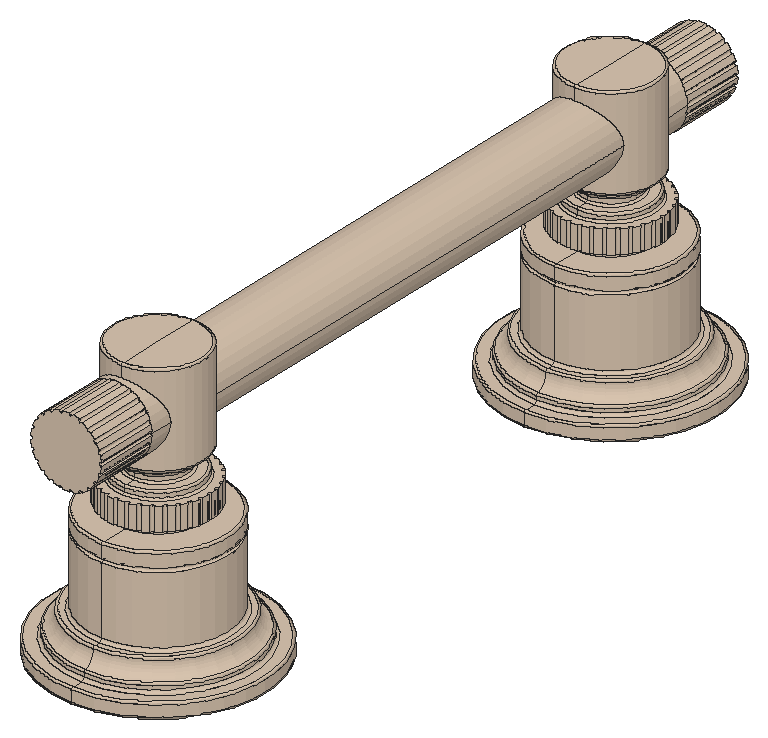
Revit family "Accessory-Door_Handle-KALLISTA-CENTRAL_PARK_WEST-P31487_1", category Specialty Equipment, host Face, Revit 2022 (continued)
Definition of nested family "P31487"
  Lines and regions (in)
    symbolic lines, detail levels medium+fine
      curve 106: line (0, 1.2126, 2.78883) -> (0, 0.54665, 2.78883)
      curve 107: line (0, 0.54665, 2.09306) -> (0, 0.54665, 2.80782)
      curve 108: line (0, 1.2126, 2.07407) -> (0, 0.54665, 2.07407)
      curve 109: line (0, 1.2126, 2.10942) -> (0, 0.54665, 2.10942)
      curve 110: line (0, 1.2126, 2.14583) -> (0, 0.54665, 2.14583)
      curve 111: line (0, 1.2126, 2.17161) -> (0, 0.54665, 2.17161)
      curve 112: line (0, 1.2126, 2.2225) -> (0, 0.54665, 2.2225)
      curve 113: line (0, 1.2126, 2.25561) -> (0, 0.54665, 2.25561)
      curve 114: line (0, 1.2126, 2.31686) -> (0, 0.54665, 2.31686)
      curve 115: line (0, 1.2126, 2.35462) -> (0, 0.54665, 2.35462)
      curve 116: line (0, 1.2126, 2.42127) -> (0, 0.54665, 2.42127)
      curve 117: line (0, 1.2126, 2.09306) -> (0, 0.54665, 2.09306)
      curve 118: line (0, -7.2126, 2.80782) -> (0, -6.54665, 2.80782)
      curve 119: line (0, -7.2126, 2.77247) -> (0, -6.54665, 2.77247)
      curve 120: line (0, -7.2126, 2.73606) -> (0, -6.54665, 2.73606)
      curve 121: line (0, -7.2126, 2.71028) -> (0, -6.54665, 2.71028)
      curve 122: line (0, -7.2126, 2.65939) -> (0, -6.54665, 2.65939)
      curve 123: line (0, -7.2126, 2.62628) -> (0, -6.54665, 2.62628)
      curve 124: line (0, -7.2126, 2.56503) -> (0, -6.54665, 2.56503)
      curve 125: line (0, -7.2126, 2.52727) -> (0, -6.54665, 2.52727)
      curve 126: line (0, -7.2126, 2.46062) -> (0, -6.54665, 2.46062)
      curve 127: line (0, -7.2126, 2.78883) -> (0, -6.54665, 2.78883)
      curve 128: line (0, -6.54665, 2.09306) -> (0, -6.54665, 2.80782)
      curve 129: line (0, -7.2126, 2.07407) -> (0, -6.54665, 2.07407)
      curve 130: line (0, -7.2126, 2.10942) -> (0, -6.54665, 2.10942)
      curve 131: line (0, -7.2126, 2.14583) -> (0, -6.54665, 2.14583)
      curve 132: line (0, -7.2126, 2.17161) -> (0, -6.54665, 2.17161)
      curve 133: line (0, -7.2126, 2.2225) -> (0, -6.54665, 2.2225)
      curve 134: line (0, -7.2126, 2.25561) -> (0, -6.54665, 2.25561)
      curve 135: line (0, -7.2126, 2.31686) -> (0, -6.54665, 2.31686)
      curve 136: line (0, -7.2126, 2.35462) -> (0, -6.54665, 2.35462)
      curve 137: line (0, -7.2126, 2.42127) -> (0, -6.54665, 2.42127)
      curve 138: line (0, -7.2126, 2.09306) -> (0, -6.54665, 2.09306)
      curve 139: line (1.00658, 0, 0.15731) -> (-1.00658, 0, 0.15731)
      curve 140: line (0.77349, 0, 0.42509) -> (-0.77349, 0, 0.42509)
      curve 141: line (0.95797, 0, 0.25018) -> (-0.95797, 0, 0.25018)
      curve 142: line (0.97521, 0, 0.22599) -> (-0.97521, 0, 0.22599)
      curve 143: line (0.742, 0, 1.21226) -> (-0.742, 0, 1.21226)
      curve 144: line (-0.742, 0, 1.17162) -> (0.742, 0, 1.17162)
      curve 145: line (0.44004, 0, 1.36704) -> (-0.44004, 0, 1.36704)
      curve 146: line (0.45972, 0, 1.44904) -> (-0.45972, 0, 1.44904)
      curve 147: line (0.45971, 0, 1.69406) -> (-0.45971, 0, 1.69406)
      curve 148: line (0.32335, 0, 1.77608) -> (-0.32335, 0, 1.77608)
      curve 149: line (0.40388, 0, 1.96602) -> (-0.40388, 0, 1.96602)
      curve 150: line (-0.32335, 0, 1.88514) -> (0.32335, 0, 1.88514)
      curve 151: line (0.4785, 0, 2.93307) -> (-0.4785, 0, 2.93307)
      curve 152: line (0.4785, 0, 1.98566) -> (-0.4785, 0, 1.98566)
      curve 153: arc (0.22977, 0, 2.73606) -> (0.23209, 0, 2.70869) -> (0.25951, 0, 2.71028) r 0.01969
      curve 154: arc (0.3036, 0, 2.65939) -> (0.29811, 0, 2.63247) -> (0.32487, 0, 2.62628) r 0.01969
      curve 155: arc (0.35283, 0, 2.56503) -> (0.33998, 0, 2.54075) -> (0.36392, 0, 2.52727) r 0.01969
      curve 156: arc (0.3735, 0, 2.46062) -> (0.35433, 0, 2.44094) -> (0.3735, 0, 2.42127) r 0.01969
      curve 157: arc (0.36392, 0, 2.35462) -> (0.33998, 0, 2.34114) -> (0.35283, 0, 2.31686) r 0.01969
      curve 158: arc (0.32487, 0, 2.25561) -> (0.29811, 0, 2.24942) -> (0.3036, 0, 2.2225) r 0.01969
      curve 159: arc (0.25951, 0, 2.17161) -> (0.23209, 0, 2.1732) -> (0.22977, 0, 2.14583) r 0.01969
      curve 160: arc (0.17314, 0, 2.10942) -> (0.14728, 0, 2.11867) -> (0.13734, 0, 2.09306) r 0.01969
      curve 161: arc (0.07275, 0, 2.07407) -> (0.05054, 0, 2.09024) -> (0.03379, 0, 2.06846) r 0.01969
      curve 162: arc (-0.03379, 0, 2.06846) -> (-0.05054, 0, 2.09024) -> (-0.07275, 0, 2.07407) r 0.01969
      curve 163: arc (-0.13734, 0, 2.09306) -> (-0.14728, 0, 2.11867) -> (-0.17314, 0, 2.10942) r 0.01969
      curve 164: arc (-0.22977, 0, 2.14583) -> (-0.23209, 0, 2.1732) -> (-0.25951, 0, 2.17161) r 0.01969
      curve 165: arc (-0.3036, 0, 2.2225) -> (-0.29811, 0, 2.24942) -> (-0.32487, 0, 2.25561) r 0.01969
      curve 166: arc (-0.35283, 0, 2.31686) -> (-0.33998, 0, 2.34114) -> (-0.36392, 0, 2.35462) r 0.01969
      curve 167: arc (-0.3735, 0, 2.42127) -> (-0.35433, 0, 2.44094) -> (-0.3735, 0, 2.46062) r 0.01969
      curve 168: arc (-0.36392, 0, 2.52727) -> (-0.33998, 0, 2.54075) -> (-0.35283, 0, 2.56503) r 0.01969
      curve 169: arc (-0.32487, 0, 2.62628) -> (-0.29811, 0, 2.63247) -> (-0.3036, 0, 2.65939) r 0.01969
      curve 170: arc (-0.25951, 0, 2.71028) -> (-0.23209, 0, 2.70869) -> (-0.22977, 0, 2.73606) r 0.01969
      curve 171: arc (-0.17314, 0, 2.77247) -> (-0.14728, 0, 2.76322) -> (-0.13734, 0, 2.78883) r 0.01969
      curve 172: arc (-0.07275, 0, 2.80782) -> (-0.05054, 0, 2.79165) -> (-0.03379, 0, 2.81343) r 0.01969
      curve 173: circle (0, 0, 2.44094) r 0.37402 normal (0, 1, 0)
      curve 174: arc (0.03379, 0, 2.81343) -> (0.05054, 0, 2.79165) -> (0.07275, 0, 2.80782) r 0.01969
      curve 175: arc (0.13734, 0, 2.78883) -> (0.14728, 0, 2.76322) -> (0.17314, 0, 2.77247) r 0.01969
      curve 176: line (-0.3735, 1.07891, 0) -> (-0.3735, 0.29911, 0)
      curve 177: line (0.3735, -1.07891, 0) -> (0.3735, -0.29911, 0)
      curve 178: arc (-0.3735, 0.64114, 0) -> (-0.742, 0, 0) -> (-0.3735, -0.64114, 0) r 0.742
      curve 179: arc (-0.3735, 0.76706, 0) -> (-0.85316, 0, 0) -> (-0.3735, -0.76706, 0) r 0.85316
      curve 180: arc (-0.3735, 0.91063, 0) -> (-0.98425, 0, 0) -> (-0.3735, -0.91063, 0) r 0.98425
      curve 181: circle (0, 0, 0) r 0.4785 normal (0, 0, 1)
      curve 182: arc (-0.52028, 0.1942, 0) -> (-0.53143, 0.16121, 0) -> (-0.54049, 0.12758, 0) r 0.55534
      curve 183: arc (-0.54049, 0.12758, 0) -> (-0.52536, 0.1045, 0) -> (-0.54817, 0.08897, 0) r 0.01969
      curve 184: arc (-0.54817, 0.08897, 0) -> (-0.55267, 0.05443, 0) -> (-0.55499, 0.01968, 0) r 0.55534
      curve 185: arc (-0.55499, 0.01968, 0) -> (-0.53565, 0, 0) -> (-0.55499, -0.01968, 0) r 0.01969
      curve 186: arc (-0.55499, -0.01968, 0) -> (-0.55267, -0.05443, 0) -> (-0.54817, -0.08897, 0) r 0.55534
      curve 187: arc (-0.54817, -0.08897, 0) -> (-0.52536, -0.1045, 0) -> (-0.54049, -0.12758, 0) r 0.01969
      curve 188: arc (-0.54049, -0.12758, 0) -> (-0.53143, -0.16121, 0) -> (-0.52028, -0.1942, 0) r 0.55534
      curve 189: arc (-0.52028, -0.1942, 0) -> (-0.49488, -0.20499, 0) -> (-0.50521, -0.23057, 0) r 0.01969
      curve 190: arc (-0.50521, -0.23057, 0) -> (-0.48977, -0.26179, 0) -> (-0.47239, -0.29197, 0) r 0.55534
      curve 191: arc (-0.47239, -0.29197, 0) -> (-0.44538, -0.29759, 0) -> (-0.45052, -0.3247, 0) r 0.01969
      curve 192: arc (-0.45052, -0.3247, 0) -> (-0.42928, -0.3523, 0) -> (-0.40635, -0.37852, 0) r 0.55534
      curve 193: arc (-0.40635, -0.37852, 0) -> (-0.383, -0.37555, 0) -> (-0.3735, -0.39709, 0) r 0.01969
      curve 194: arc (0.3735, -0.39709, 0) -> (0.383, -0.37555, 0) -> (0.40635, -0.37852, 0) r 0.01969
      curve 195: arc (0.40635, -0.37852, 0) -> (0.42928, -0.3523, 0) -> (0.45052, -0.3247, 0) r 0.55534
      curve 196: arc (0.45052, -0.3247, 0) -> (0.44538, -0.29759, 0) -> (0.47239, -0.29197, 0) r 0.01969
      curve 197: arc (0.47239, -0.29197, 0) -> (0.48977, -0.26179, 0) -> (0.50521, -0.23057, 0) r 0.55534
      curve 198: arc (0.50521, -0.23057, 0) -> (0.49488, -0.20499, 0) -> (0.52028, -0.1942, 0) r 0.01969
      curve 199: arc (0.52028, -0.1942, 0) -> (0.53143, -0.16121, 0) -> (0.54049, -0.12758, 0) r 0.55534
      curve 200: arc (0.54049, -0.12758, 0) -> (0.52536, -0.1045, 0) -> (0.54817, -0.08897, 0) r 0.01969
      curve 201: arc (0.54817, -0.08897, 0) -> (0.55267, -0.05443, 0) -> (0.55499, -0.01968, 0) r 0.55534
      curve 202: arc (0.55499, -0.01968, 0) -> (0.53565, 0, 0) -> (0.55499, 0.01968, 0) r 0.01969
      curve 203: arc (0.55499, 0.01968, 0) -> (0.55267, 0.05443, 0) -> (0.54817, 0.08897, 0) r 0.55534
      curve 204: arc (0.54817, 0.08897, 0) -> (0.52536, 0.1045, 0) -> (0.54049, 0.12758, 0) r 0.01969
      curve 205: arc (0.54049, 0.12758, 0) -> (0.53143, 0.16121, 0) -> (0.52028, 0.1942, 0) r 0.55534
      curve 206: arc (0.52028, 0.1942, 0) -> (0.49488, 0.20499, 0) -> (0.50521, 0.23057, 0) r 0.01969
      curve 207: arc (0.50521, 0.23057, 0) -> (0.48977, 0.26179, 0) -> (0.47239, 0.29197, 0) r 0.55534
      curve 208: arc (0.47239, 0.29197, 0) -> (0.44538, 0.29759, 0) -> (0.45052, 0.3247, 0) r 0.01969
      curve 209: arc (0.45052, 0.3247, 0) -> (0.42928, 0.3523, 0) -> (0.40635, 0.37852, 0) r 0.55534
      curve 210: arc (0.40635, 0.37852, 0) -> (0.383, 0.37555, 0) -> (0.3735, 0.39709, 0) r 0.01969
      curve 211: arc (-0.3735, 0.39709, 0) -> (-0.383, 0.37555, 0) -> (-0.40635, 0.37852, 0) r 0.01969
      curve 212: arc (-0.40635, 0.37852, 0) -> (-0.42928, 0.3523, 0) -> (-0.45052, 0.3247, 0) r 0.55534
      curve 213: arc (-0.45052, 0.3247, 0) -> (-0.44538, 0.29759, 0) -> (-0.47239, 0.29197, 0) r 0.01969
      curve 214: arc (-0.47239, 0.29197, 0) -> (-0.48977, 0.26179, 0) -> (-0.50521, 0.23057, 0) r 0.55534
      curve 215: arc (-0.50521, 0.23057, 0) -> (-0.49488, 0.20499, 0) -> (-0.52028, 0.1942, 0) r 0.01969
      curve 216: arc (0.3735, -0.64114, 0) -> (0.742, 0, 0) -> (0.3735, 0.64114, 0) r 0.742
      curve 217: arc (0.3735, -0.76706, 0) -> (0.85316, 0, 0) -> (0.3735, 0.76706, 0) r 0.85316
      curve 218: arc (0.3735, -0.91063, 0) -> (0.98425, 0, 0) -> (0.3735, 0.91063, 0) r 0.98425
      curve 219: line (-0.3735, -0.29911, 0) -> (-0.3735, -1.07891, 0)
      curve 220: line (0.3735, 0.29911, 0) -> (0.3735, 1.07891, 0)
      curve 221: line (-0.36392, 1.2126, 0) -> (-0.36392, 0.54665, 0)
      curve 222: line (-0.35283, 1.2126, 0) -> (-0.35283, 0.54665, 0)
      curve 223: line (-0.32487, 1.2126, 0) -> (-0.32487, 0.54665, 0)
      curve 224: line (-0.3036, 1.2126, 0) -> (-0.3036, 0.54665, 0)
      curve 225: line (-0.25951, 1.2126, 0) -> (-0.25951, 0.54665, 0)
      curve 226: line (-0.22977, 1.2126, 0) -> (-0.22977, 0.54665, 0)
      curve 227: line (-0.17314, 1.2126, 0) -> (-0.17314, 0.54665, 0)
      curve 228: line (-0.13734, 1.2126, 0) -> (-0.13734, 0.54665, 0)
      curve 229: line (-0.07275, 1.2126, 0) -> (-0.07275, 0.54665, 0)
      curve 230: line (-0.03379, 1.2126, 0) -> (-0.03379, 0.54665, 0)
      curve 231: line (0.36392, 1.2126, 0) -> (0.36392, 0.54665, 0)
      curve 232: line (0.35283, 1.2126, 0) -> (0.35283, 0.54665, 0)
      curve 233: line (0.32487, 1.2126, 0) -> (0.32487, 0.54665, 0)
      curve 234: line (0.3036, 1.2126, 0) -> (0.3036, 0.54665, 0)
      curve 235: line (0.25951, 1.2126, 0) -> (0.25951, 0.54665, 0)
      curve 236: line (0.22977, 1.2126, 0) -> (0.22977, 0.54665, 0)
      curve 237: line (0.17314, 1.2126, 0) -> (0.17314, 0.54665, 0)
      curve 238: line (0.13734, 1.2126, 0) -> (0.13734, 0.54665, 0)
      curve 239: line (0.07275, 1.2126, 0) -> (0.07275, 0.54665, 0)
      curve 240: line (0.03379, 1.2126, 0) -> (0.03379, 0.54665, 0)
      curve 241: line (0.3735, 0.54665, 0) -> (-0.3735, 0.54665, 0)
      curve 242: line (-0.3735, -7.07891, 0) -> (-0.3735, -6.29911, 0)
      curve 243: line (0.3735, -4.92109, 0) -> (0.3735, -5.70089, 0)
      curve 244: arc (-0.3735, -6.64114, 0) -> (-0.742, -6, 0) -> (-0.3735, -5.35886, 0) r 0.742
      curve 245: arc (-0.3735, -6.76706, 0) -> (-0.85316, -6, 0) -> (-0.3735, -5.23294, 0) r 0.85316
      curve 246: arc (-0.3735, -6.91063, 0) -> (-0.98425, -6, 0) -> (-0.3735, -5.08937, 0) r 0.98425
      curve 247: circle (0, -6, 0) r 0.4785 normal (0, 0, -1)
      curve 248: arc (-0.52028, -6.1942, 0) -> (-0.53143, -6.16121, 0) -> (-0.54049, -6.12758, 0) r 0.55534
      curve 249: arc (-0.54049, -6.12758, 0) -> (-0.52536, -6.1045, 0) -> (-0.54817, -6.08897, 0) r 0.01969
      curve 250: arc (-0.54817, -6.08897, 0) -> (-0.55267, -6.05443, 0) -> (-0.55499, -6.01968, 0) r 0.55534
      curve 251: arc (-0.55499, -6.01968, 0) -> (-0.53565, -6, 0) -> (-0.55499, -5.98032, 0) r 0.01969
      curve 252: arc (-0.55499, -5.98032, 0) -> (-0.55267, -5.94557, 0) -> (-0.54817, -5.91103, 0) r 0.55534
      curve 253: arc (-0.54817, -5.91103, 0) -> (-0.52536, -5.8955, 0) -> (-0.54049, -5.87242, 0) r 0.01969
      curve 254: arc (-0.54049, -5.87242, 0) -> (-0.53143, -5.83879, 0) -> (-0.52028, -5.8058, 0) r 0.55534
      curve 255: arc (-0.52028, -5.8058, 0) -> (-0.49488, -5.79501, 0) -> (-0.50521, -5.76943, 0) r 0.01969
      curve 256: arc (-0.50521, -5.76943, 0) -> (-0.48977, -5.73821, 0) -> (-0.47239, -5.70803, 0) r 0.55534
      curve 257: arc (-0.47239, -5.70803, 0) -> (-0.44538, -5.70241, 0) -> (-0.45052, -5.6753, 0) r 0.01969
      curve 258: arc (-0.45052, -5.6753, 0) -> (-0.42928, -5.6477, 0) -> (-0.40635, -5.62148, 0) r 0.55534
      curve 259: arc (-0.40635, -5.62148, 0) -> (-0.383, -5.62445, 0) -> (-0.3735, -5.60291, 0) r 0.01969
      curve 260: arc (0.3735, -5.60291, 0) -> (0.383, -5.62445, 0) -> (0.40635, -5.62148, 0) r 0.01969
      curve 261: arc (0.40635, -5.62148, 0) -> (0.42928, -5.6477, 0) -> (0.45052, -5.6753, 0) r 0.55534
      curve 262: arc (0.45052, -5.6753, 0) -> (0.44538, -5.70241, 0) -> (0.47239, -5.70803, 0) r 0.01969
      curve 263: arc (0.47239, -5.70803, 0) -> (0.48977, -5.73821, 0) -> (0.50521, -5.76943, 0) r 0.55534
      curve 264: arc (0.50521, -5.76943, 0) -> (0.49488, -5.79501, 0) -> (0.52028, -5.8058, 0) r 0.01969
      curve 265: arc (0.52028, -5.8058, 0) -> (0.53143, -5.83879, 0) -> (0.54049, -5.87242, 0) r 0.55534
      curve 266: arc (0.54049, -5.87242, 0) -> (0.52536, -5.8955, 0) -> (0.54817, -5.91103, 0) r 0.01969
      curve 267: arc (0.54817, -5.91103, 0) -> (0.55267, -5.94557, 0) -> (0.55499, -5.98032, 0) r 0.55534
      curve 268: arc (0.55499, -5.98032, 0) -> (0.53565, -6, 0) -> (0.55499, -6.01968, 0) r 0.01969
      curve 269: arc (0.55499, -6.01968, 0) -> (0.55267, -6.05443, 0) -> (0.54817, -6.08897, 0) r 0.55534
      curve 270: arc (0.54817, -6.08897, 0) -> (0.52536, -6.1045, 0) -> (0.54049, -6.12758, 0) r 0.01969
      curve 271: arc (0.54049, -6.12758, 0) -> (0.53143, -6.16121, 0) -> (0.52028, -6.1942, 0) r 0.55534
      curve 272: arc (0.52028, -6.1942, 0) -> (0.49488, -6.20499, 0) -> (0.50521, -6.23057, 0) r 0.01969
      curve 273: arc (0.50521, -6.23057, 0) -> (0.48977, -6.26179, 0) -> (0.47239, -6.29197, 0) r 0.55534
      curve 274: arc (0.47239, -6.29197, 0) -> (0.44538, -6.29759, 0) -> (0.45052, -6.3247, 0) r 0.01969
      curve 275: arc (0.45052, -6.3247, 0) -> (0.42928, -6.3523, 0) -> (0.40635, -6.37852, 0) r 0.55534
      curve 276: arc (0.40635, -6.37852, 0) -> (0.383, -6.37555, 0) -> (0.3735, -6.39709, 0) r 0.01969
      curve 277: arc (-0.3735, -6.39709, 0) -> (-0.383, -6.37555, 0) -> (-0.40635, -6.37852, 0) r 0.01969
      curve 278: arc (-0.40635, -6.37852, 0) -> (-0.42928, -6.3523, 0) -> (-0.45052, -6.3247, 0) r 0.55534
      curve 279: arc (-0.45052, -6.3247, 0) -> (-0.44538, -6.29759, 0) -> (-0.47239, -6.29197, 0) r 0.01969
      curve 280: arc (-0.47239, -6.29197, 0) -> (-0.48977, -6.26179, 0) -> (-0.50521, -6.23057, 0) r 0.55534
      curve 281: arc (-0.50521, -6.23057, 0) -> (-0.49488, -6.20499, 0) -> (-0.52028, -6.1942, 0) r 0.01969
      curve 282: arc (0.3735, -5.35886, 0) -> (0.742, -6, 0) -> (0.3735, -6.64114, 0) r 0.742
      curve 283: arc (0.3735, -5.23294, 0) -> (0.85316, -6, 0) -> (0.3735, -6.76706, 0) r 0.85316
      curve 284: arc (0.3735, -5.08937, 0) -> (0.98425, -6, 0) -> (0.3735, -6.91063, 0) r 0.98425
      curve 285: line (-0.3735, -5.70089, 0) -> (-0.3735, -4.92109, 0)
      curve 286: line (0.3735, -6.29911, 0) -> (0.3735, -7.07891, 0)
      curve 287: line (-0.36392, -7.2126, 0) -> (-0.36392, -6.54665, 0)
      curve 288: line (-0.35283, -7.2126, 0) -> (-0.35283, -6.54665, 0)
      curve 289: line (-0.32487, -7.2126, 0) -> (-0.32487, -6.54665, 0)
      curve 290: line (-0.3036, -7.2126, 0) -> (-0.3036, -6.54665, 0)
      curve 291: line (-0.25951, -7.2126, 0) -> (-0.25951, -6.54665, 0)
      curve 292: line (-0.22977, -7.2126, 0) -> (-0.22977, -6.54665, 0)
      curve 293: line (-0.17314, -7.2126, 0) -> (-0.17314, -6.54665, 0)
      curve 294: line (-0.13734, -7.2126, 0) -> (-0.13734, -6.54665, 0)
      curve 295: line (-0.07275, -7.2126, 0) -> (-0.07275, -6.54665, 0)
      curve 296: line (-0.03379, -7.2126, 0) -> (-0.03379, -6.54665, 0)
      curve 297: line (0.36392, -7.2126, 0) -> (0.36392, -6.54665, 0)
      curve 298: line (0.35283, -7.2126, 0) -> (0.35283, -6.54665, 0)
      curve 299: line (0.32487, -7.2126, 0) -> (0.32487, -6.54665, 0)
      curve 300: line (0.3036, -7.2126, 0) -> (0.3036, -6.54665, 0)
      curve 301: line (0.25951, -7.2126, 0) -> (0.25951, -6.54665, 0)
      curve 302: line (0.22977, -7.2126, 0) -> (0.22977, -6.54665, 0)
      curve 303: line (0.17314, -7.2126, 0) -> (0.17314, -6.54665, 0)
      curve 304: line (0.13734, -7.2126, 0) -> (0.13734, -6.54665, 0)
      curve 305: line (0.07275, -7.2126, 0) -> (0.07275, -6.54665, 0)
      curve 306: line (0.03379, -7.2126, 0) -> (0.03379, -6.54665, 0)
      curve 307: line (0.3735, -6.54665, 0) -> (-0.3735, -6.54665, 0)
      curve 308: line (0.54817, 0, 1.44904) -> (0.54817, 0, 1.69406)
      curve 309: line (0.54049, 0, 1.44904) -> (0.54049, 0, 1.69406)
      curve 310: line (0.52028, 0, 1.44904) -> (0.52028, 0, 1.69406)
      curve 311: line (0.50521, 0, 1.44904) -> (0.50521, 0, 1.69406)
      curve 312: line (0.47239, 0, 1.44904) -> (0.47239, 0, 1.69406)
      curve 313: line (0.45052, 0, 1.44904) -> (0.45052, 0, 1.69406)
      curve 314: line (0.40635, 0, 1.44904) -> (0.40635, 0, 1.69406)
      curve 315: line (0.37852, 0, 1.44904) -> (0.37852, 0, 1.69406)
      curve 316: line (0.3247, 0, 1.44904) -> (0.3247, 0, 1.69406)
      curve 317: line (0.29197, 0, 1.44904) -> (0.29197, 0, 1.69406)
      curve 318: line (0.23057, 0, 1.44904) -> (0.23057, 0, 1.69406)
      curve 319: line (0.1942, 0, 1.44904) -> (0.1942, 0, 1.69406)
      curve 320: line (0.12758, 0, 1.44904) -> (0.12758, 0, 1.69406)
      curve 321: line (0.08897, 0, 1.44904) -> (0.08897, 0, 1.69406)
      curve 322: line (0.01968, 0, 1.44904) -> (0.01968, 0, 1.69406)
      curve 323: line (-0.54817, 0, 1.44904) -> (-0.54817, 0, 1.69406)
      curve 324: line (-0.54049, 0, 1.44904) -> (-0.54049, 0, 1.69406)
      curve 325: line (-0.52028, 0, 1.44904) -> (-0.52028, 0, 1.69406)
      curve 326: line (-0.50521, 0, 1.44904) -> (-0.50521, 0, 1.69406)
      curve 327: line (-0.47239, 0, 1.44904) -> (-0.47239, 0, 1.69406)
      curve 328: line (-0.45052, 0, 1.44904) -> (-0.45052, 0, 1.69406)
      curve 329: line (-0.40635, 0, 1.44904) -> (-0.40635, 0, 1.69406)
      curve 330: line (-0.37852, 0, 1.44904) -> (-0.37852, 0, 1.69406)
      curve 331: line (-0.3247, 0, 1.44904) -> (-0.3247, 0, 1.69406)
      curve 332: line (-0.29197, 0, 1.44904) -> (-0.29197, 0, 1.69406)
      curve 333: line (-0.23057, 0, 1.44904) -> (-0.23057, 0, 1.69406)
      curve 334: line (-0.1942, 0, 1.44904) -> (-0.1942, 0, 1.69406)
      curve 335: line (-0.12758, 0, 1.44904) -> (-0.12758, 0, 1.69406)
      curve 336: line (-0.08897, 0, 1.44904) -> (-0.08897, 0, 1.69406)
      curve 337: line (-0.01968, 0, 1.44904) -> (-0.01968, 0, 1.69406)
  Dimensions and locks (in)
    plane 5 to plane 6 = 2.28346"
    plane 7 to plane 10 = 8.28346"
    equal spacing: plane 4, plane 12, plane 1 "Center (Front/Back)"
    locked: plane 11 to plane 13 at 8.4252
    plane 15 to level = 2.95276"
    locked: plane 14 to level at 2.44094
    plane 1 "Center (Front/Back)" to plane 4 = 6"
    aligned and locked: plane 2 to level
  Automatic sketch dimensions
    curve 178 to curve 179 = 0"  (x2)
    curve 178 to curve 180 = 0"  (x2)
    curve 178 to curve 181 = 0"  (x2)
    curve 178 to curve 182 = 0"  (x2)
    curve 178 to curve 184 = 0"  (x2)
    curve 178 to curve 186 = 0"  (x2)
    curve 178 to curve 188 = 0"  (x2)
    curve 178 to curve 190 = 0"  (x2)
    curve 178 to curve 192 = 0"  (x2)
    curve 178 to curve 195 = 0"  (x2)
    curve 178 to curve 197 = 0"  (x2)
    curve 178 to curve 199 = 0"  (x2)
    curve 178 to curve 201 = 0"  (x2)
    curve 178 to curve 203 = 0"  (x2)
    curve 178 to curve 205 = 0"  (x2)
    curve 178 to curve 207 = 0"  (x2)
    curve 178 to curve 209 = 0"  (x2)
    curve 178 to curve 212 = 0"  (x2)
    curve 178 to curve 214 = 0"  (x2)
    curve 178 to curve 216 = 0"  (x2)
    curve 178 to curve 217 = 0"  (x2)
    curve 178 to curve 218 = 0"  (x2)
    curve 179 to curve 180 = 0"  (x2)
    curve 179 to curve 181 = 0"  (x2)
    curve 179 to curve 182 = 0"  (x2)
    curve 179 to curve 184 = 0"  (x2)
    curve 179 to curve 186 = 0"  (x2)
    curve 179 to curve 188 = 0"  (x2)
    curve 179 to curve 190 = 0"  (x2)
    curve 179 to curve 192 = 0"  (x2)
    curve 179 to curve 195 = 0"  (x2)
    curve 179 to curve 197 = 0"  (x2)
    curve 179 to curve 199 = 0"  (x2)
    curve 179 to curve 201 = 0"  (x2)
    curve 179 to curve 203 = 0"  (x2)
    curve 179 to curve 205 = 0"  (x2)
    curve 179 to curve 207 = 0"  (x2)
    curve 179 to curve 209 = 0"  (x2)
    curve 179 to curve 212 = 0"  (x2)
    curve 179 to curve 214 = 0"  (x2)
    curve 179 to curve 216 = 0"  (x2)
    curve 179 to curve 217 = 0"  (x2)
    curve 179 to curve 218 = 0"  (x2)
    curve 180 to curve 181 = 0"  (x2)
    curve 180 to curve 182 = 0"  (x2)
    curve 180 to curve 184 = 0"  (x2)
    curve 180 to curve 186 = 0"  (x2)
    curve 180 to curve 188 = 0"  (x2)
    curve 180 to curve 190 = 0"  (x2)
    curve 180 to curve 192 = 0"  (x2)
    curve 180 to curve 195 = 0"  (x2)
    curve 180 to curve 197 = 0"  (x2)
    curve 180 to curve 199 = 0"  (x2)
    curve 180 to curve 201 = 0"  (x2)
    curve 180 to curve 203 = 0"  (x2)
    curve 180 to curve 205 = 0"  (x2)
    curve 180 to curve 207 = 0"  (x2)
    curve 180 to curve 209 = 0"  (x2)
    curve 180 to curve 212 = 0"  (x2)
    curve 180 to curve 214 = 0"  (x2)
    curve 180 to curve 216 = 0"  (x2)
    curve 180 to curve 217 = 0"  (x2)
    curve 180 to curve 218 = 0"  (x2)
    curve 181 to curve 182 = 0"  (x2)
    curve 181 to curve 184 = 0"  (x2)
    curve 181 to curve 186 = 0"  (x2)
    curve 181 to curve 188 = 0"  (x2)
    curve 181 to curve 190 = 0"  (x2)
    curve 181 to curve 192 = 0"  (x2)
    curve 181 to curve 195 = 0"  (x2)
    curve 181 to curve 197 = 0"  (x2)
    curve 181 to curve 199 = 0"  (x2)
    curve 181 to curve 201 = 0"  (x2)
    curve 181 to curve 203 = 0"  (x2)
    curve 181 to curve 205 = 0"  (x2)
    curve 181 to curve 207 = 0"  (x2)
    curve 181 to curve 209 = 0"  (x2)
    curve 181 to curve 212 = 0"  (x2)
    curve 181 to curve 214 = 0"  (x2)
    curve 181 to curve 216 = 0"  (x2)
    curve 181 to curve 217 = 0"  (x2)
    curve 181 to curve 218 = 0"  (x2)
    curve 182 to curve 184 = 0"  (x2)
    curve 182 to curve 186 = 0"  (x2)
    curve 182 to curve 188 = 0"  (x2)
    curve 182 to curve 190 = 0"  (x2)
    curve 182 to curve 192 = 0"  (x2)
    curve 182 to curve 195 = 0"  (x2)
    curve 182 to curve 197 = 0"  (x2)
    curve 182 to curve 199 = 0"  (x2)
    curve 182 to curve 201 = 0"  (x2)
    curve 182 to curve 203 = 0"  (x2)
    curve 182 to curve 205 = 0"  (x2)
    curve 182 to curve 207 = 0"  (x2)
    curve 182 to curve 209 = 0"  (x2)
    curve 182 to curve 212 = 0"  (x2)
    curve 182 to curve 214 = 0"  (x2)
    curve 182 to curve 216 = 0"  (x2)
    curve 182 to curve 217 = 0"  (x2)
    curve 182 to curve 218 = 0"  (x2)
    curve 184 to curve 186 = 0"  (x2)
    curve 184 to curve 188 = 0"  (x2)
    curve 184 to curve 190 = 0"  (x2)
    curve 184 to curve 192 = 0"  (x2)
    curve 184 to curve 195 = 0"  (x2)
    curve 184 to curve 197 = 0"  (x2)
    curve 184 to curve 199 = 0"  (x2)
    curve 184 to curve 201 = 0"  (x2)
    curve 184 to curve 203 = 0"  (x2)
    curve 184 to curve 205 = 0"  (x2)
    curve 184 to curve 207 = 0"  (x2)
    curve 184 to curve 209 = 0"  (x2)
    curve 184 to curve 212 = 0"  (x2)
    curve 184 to curve 214 = 0"  (x2)
    curve 184 to curve 216 = 0"  (x2)
    curve 184 to curve 217 = 0"  (x2)
    curve 184 to curve 218 = 0"  (x2)
    curve 186 to curve 188 = 0"  (x2)
    curve 186 to curve 190 = 0"  (x2)
    curve 186 to curve 192 = 0"  (x2)
    curve 186 to curve 195 = 0"  (x2)
    curve 186 to curve 197 = 0"  (x2)
    curve 186 to curve 199 = 0"  (x2)
    curve 186 to curve 201 = 0"  (x2)
    curve 186 to curve 203 = 0"  (x2)
    curve 186 to curve 205 = 0"  (x2)
    curve 186 to curve 207 = 0"  (x2)
    curve 186 to curve 209 = 0"  (x2)
    curve 186 to curve 212 = 0"  (x2)
    curve 186 to curve 214 = 0"  (x2)
    curve 186 to curve 216 = 0"  (x2)
    curve 186 to curve 217 = 0"  (x2)
    curve 186 to curve 218 = 0"  (x2)
    curve 188 to curve 190 = 0"  (x2)
    curve 188 to curve 192 = 0"  (x2)
    curve 188 to curve 195 = 0"  (x2)
    curve 188 to curve 197 = 0"  (x2)
    curve 188 to curve 199 = 0"  (x2)
    curve 188 to curve 201 = 0"  (x2)
    curve 188 to curve 203 = 0"  (x2)
    curve 188 to curve 205 = 0"  (x2)
    curve 188 to curve 207 = 0"  (x2)
    curve 188 to curve 209 = 0"  (x2)
    curve 188 to curve 212 = 0"  (x2)
    curve 188 to curve 214 = 0"  (x2)
    curve 188 to curve 216 = 0"  (x2)
    curve 188 to curve 217 = 0"  (x2)
    curve 188 to curve 218 = 0"  (x2)
    curve 190 to curve 192 = 0"  (x2)
    curve 190 to curve 195 = 0"  (x2)
    curve 190 to curve 197 = 0"  (x2)
    curve 190 to curve 199 = 0"  (x2)
    curve 190 to curve 201 = 0"  (x2)
    curve 190 to curve 203 = 0"  (x2)
    curve 190 to curve 205 = 0"  (x2)
    curve 190 to curve 207 = 0"  (x2)
    curve 190 to curve 209 = 0"  (x2)
    curve 190 to curve 212 = 0"  (x2)
    curve 190 to curve 214 = 0"  (x2)
    curve 190 to curve 216 = 0"  (x2)
    curve 190 to curve 217 = 0"  (x2)
    curve 190 to curve 218 = 0"  (x2)
    curve 192 to curve 195 = 0"  (x2)
    curve 192 to curve 197 = 0"  (x2)
    curve 192 to curve 199 = 0"  (x2)
    curve 192 to curve 201 = 0"  (x2)
    curve 192 to curve 203 = 0"  (x2)
    curve 192 to curve 205 = 0"  (x2)
    curve 192 to curve 207 = 0"  (x2)
    curve 192 to curve 209 = 0"  (x2)
    curve 192 to curve 212 = 0"  (x2)
    curve 192 to curve 214 = 0"  (x2)
    curve 192 to curve 216 = 0"  (x2)
    curve 192 to curve 217 = 0"  (x2)
    curve 192 to curve 218 = 0"  (x2)
    curve 195 to curve 197 = 0"  (x2)
    curve 195 to curve 199 = 0"  (x2)
    curve 195 to curve 201 = 0"  (x2)
    curve 195 to curve 203 = 0"  (x2)
    curve 195 to curve 205 = 0"  (x2)
    curve 195 to curve 207 = 0"  (x2)
    curve 195 to curve 209 = 0"  (x2)
    curve 195 to curve 212 = 0"  (x2)
    curve 195 to curve 214 = 0"  (x2)
    curve 195 to curve 216 = 0"  (x2)
    curve 195 to curve 217 = 0"  (x2)
    curve 195 to curve 218 = 0"  (x2)
    curve 197 to curve 199 = 0"  (x2)
    curve 197 to curve 201 = 0"  (x2)
    curve 197 to curve 203 = 0"  (x2)
    curve 197 to curve 205 = 0"  (x2)
    curve 197 to curve 207 = 0"  (x2)
    curve 197 to curve 209 = 0"  (x2)
    curve 197 to curve 212 = 0"  (x2)
    curve 197 to curve 214 = 0"  (x2)
    curve 197 to curve 216 = 0"  (x2)
    curve 197 to curve 217 = 0"  (x2)
    curve 197 to curve 218 = 0"  (x2)
    curve 199 to curve 201 = 0"  (x2)
    curve 199 to curve 203 = 0"  (x2)
    curve 199 to curve 205 = 0"  (x2)
    curve 199 to curve 207 = 0"  (x2)
    curve 199 to curve 209 = 0"  (x2)
    curve 199 to curve 212 = 0"  (x2)
    curve 199 to curve 214 = 0"  (x2)
    curve 199 to curve 216 = 0"  (x2)
    curve 199 to curve 217 = 0"  (x2)
    curve 199 to curve 218 = 0"  (x2)
    curve 201 to curve 203 = 0"  (x2)
    curve 201 to curve 205 = 0"  (x2)
    curve 201 to curve 207 = 0"  (x2)
    curve 201 to curve 209 = 0"  (x2)
    curve 201 to curve 212 = 0"  (x2)
    curve 201 to curve 214 = 0"  (x2)
    curve 201 to curve 216 = 0"  (x2)
    curve 201 to curve 217 = 0"  (x2)
    curve 201 to curve 218 = 0"  (x2)
    curve 203 to curve 205 = 0"  (x2)
    curve 203 to curve 207 = 0"  (x2)
    curve 203 to curve 209 = 0"  (x2)
    curve 203 to curve 212 = 0"  (x2)
    curve 203 to curve 214 = 0"  (x2)
    curve 203 to curve 216 = 0"  (x2)
    curve 203 to curve 217 = 0"  (x2)
    curve 203 to curve 218 = 0"  (x2)
    curve 205 to curve 207 = 0"  (x2)
    curve 205 to curve 209 = 0"  (x2)
    curve 205 to curve 212 = 0"  (x2)
    curve 205 to curve 214 = 0"  (x2)
    curve 205 to curve 216 = 0"  (x2)
    curve 205 to curve 217 = 0"  (x2)
    curve 205 to curve 218 = 0"  (x2)
    curve 207 to curve 209 = 0"  (x2)
    curve 207 to curve 212 = 0"  (x2)
    curve 207 to curve 214 = 0"  (x2)
    curve 207 to curve 216 = 0"  (x2)
    curve 207 to curve 217 = 0"  (x2)
    curve 207 to curve 218 = 0"  (x2)
    curve 209 to curve 212 = 0"  (x2)
    curve 209 to curve 214 = 0"  (x2)
    curve 209 to curve 216 = 0"  (x2)
    curve 209 to curve 217 = 0"  (x2)
    curve 209 to curve 218 = 0"  (x2)
    curve 212 to curve 214 = 0"  (x2)
    curve 212 to curve 216 = 0"  (x2)
    curve 212 to curve 217 = 0"  (x2)
    curve 212 to curve 218 = 0"  (x2)
    curve 214 to curve 216 = 0"  (x2)
    curve 214 to curve 217 = 0"  (x2)
    curve 214 to curve 218 = 0"  (x2)
    curve 216 to curve 217 = 0"  (x2)
    curve 216 to curve 218 = 0"  (x2)
    curve 217 to curve 218 = 0"  (x2)
    curve 244 to curve 245 = 0"  (x2)
    curve 244 to curve 246 = 0"  (x2)
    curve 244 to curve 247 = 0"  (x2)
    curve 244 to curve 248 = 0"  (x2)
    curve 244 to curve 250 = 0"  (x2)
    curve 244 to curve 252 = 0"  (x2)
    curve 244 to curve 254 = 0"  (x2)
    curve 244 to curve 256 = 0"  (x2)
    curve 244 to curve 258 = 0"  (x2)
    curve 244 to curve 261 = 0"  (x2)
    curve 244 to curve 263 = 0"  (x2)
    curve 244 to curve 265 = 0"  (x2)
    curve 244 to curve 267 = 0"  (x2)
    curve 244 to curve 269 = 0"  (x2)
    curve 244 to curve 271 = 0"  (x2)
    curve 244 to curve 273 = 0"  (x2)
    curve 244 to curve 275 = 0"  (x2)
    curve 244 to curve 278 = 0"  (x2)
    curve 244 to curve 280 = 0"  (x2)
    curve 244 to curve 282 = 0"  (x2)
    curve 244 to curve 283 = 0"  (x2)
    curve 244 to curve 284 = 0"  (x2)
    curve 245 to curve 246 = 0"  (x2)
    curve 245 to curve 247 = 0"  (x2)
    curve 245 to curve 248 = 0"  (x2)
    curve 245 to curve 250 = 0"  (x2)
    curve 245 to curve 252 = 0"  (x2)
    curve 245 to curve 254 = 0"  (x2)
    curve 245 to curve 256 = 0"  (x2)
    curve 245 to curve 258 = 0"  (x2)
    curve 245 to curve 261 = 0"  (x2)
    curve 245 to curve 263 = 0"  (x2)
    curve 245 to curve 265 = 0"  (x2)
    curve 245 to curve 267 = 0"  (x2)
    curve 245 to curve 269 = 0"  (x2)
    curve 245 to curve 271 = 0"  (x2)
    curve 245 to curve 273 = 0"  (x2)
    curve 245 to curve 275 = 0"  (x2)
    curve 245 to curve 278 = 0"  (x2)
    curve 245 to curve 280 = 0"  (x2)
    curve 245 to curve 282 = 0"  (x2)
    curve 245 to curve 283 = 0"  (x2)
    curve 245 to curve 284 = 0"  (x2)
    curve 246 to curve 247 = 0"  (x2)
    curve 246 to curve 248 = 0"  (x2)
    curve 246 to curve 250 = 0"  (x2)
    curve 246 to curve 252 = 0"  (x2)
    curve 246 to curve 254 = 0"  (x2)
    curve 246 to curve 256 = 0"  (x2)
    curve 246 to curve 258 = 0"  (x2)
    curve 246 to curve 261 = 0"  (x2)
    curve 246 to curve 263 = 0"  (x2)
    curve 246 to curve 265 = 0"  (x2)
    curve 246 to curve 267 = 0"  (x2)
    curve 246 to curve 269 = 0"  (x2)
    curve 246 to curve 271 = 0"  (x2)
    curve 246 to curve 273 = 0"  (x2)
    curve 246 to curve 275 = 0"  (x2)
    curve 246 to curve 278 = 0"  (x2)
    curve 246 to curve 280 = 0"  (x2)
    curve 246 to curve 282 = 0"  (x2)
    curve 246 to curve 283 = 0"  (x2)
    curve 246 to curve 284 = 0"  (x2)
    curve 247 to curve 248 = 0"  (x2)
    curve 247 to curve 250 = 0"  (x2)
    curve 247 to curve 252 = 0"  (x2)
    curve 247 to curve 254 = 0"  (x2)
    curve 247 to curve 256 = 0"  (x2)
    curve 247 to curve 258 = 0"  (x2)
    curve 247 to curve 261 = 0"  (x2)
    curve 247 to curve 263 = 0"  (x2)
    curve 247 to curve 265 = 0"  (x2)
    curve 247 to curve 267 = 0"  (x2)
    curve 247 to curve 269 = 0"  (x2)
    curve 247 to curve 271 = 0"  (x2)
    curve 247 to curve 273 = 0"  (x2)
    curve 247 to curve 275 = 0"  (x2)
    curve 247 to curve 278 = 0"  (x2)
    curve 247 to curve 280 = 0"  (x2)
    curve 247 to curve 282 = 0"  (x2)
    curve 247 to curve 283 = 0"  (x2)
    curve 247 to curve 284 = 0"  (x2)
    curve 248 to curve 250 = 0"  (x2)
    curve 248 to curve 252 = 0"  (x2)
    curve 248 to curve 254 = 0"  (x2)
    curve 248 to curve 256 = 0"  (x2)
    curve 248 to curve 258 = 0"  (x2)
    curve 248 to curve 261 = 0"  (x2)
    curve 248 to curve 263 = 0"  (x2)
    curve 248 to curve 265 = 0"  (x2)
    curve 248 to curve 267 = 0"  (x2)
    curve 248 to curve 269 = 0"  (x2)
    curve 248 to curve 271 = 0"  (x2)
    curve 248 to curve 273 = 0"  (x2)
    curve 248 to curve 275 = 0"  (x2)
    curve 248 to curve 278 = 0"  (x2)
    curve 248 to curve 280 = 0"  (x2)
    curve 248 to curve 282 = 0"  (x2)
    curve 248 to curve 283 = 0"  (x2)
    curve 248 to curve 284 = 0"  (x2)
    curve 250 to curve 252 = 0"  (x2)
    curve 250 to curve 254 = 0"  (x2)
    curve 250 to curve 256 = 0"  (x2)
    curve 250 to curve 258 = 0"  (x2)
    curve 250 to curve 261 = 0"  (x2)
    curve 250 to curve 263 = 0"  (x2)
    curve 250 to curve 265 = 0"  (x2)
    curve 250 to curve 267 = 0"  (x2)
    curve 250 to curve 269 = 0"  (x2)
    curve 250 to curve 271 = 0"  (x2)
    curve 250 to curve 273 = 0"  (x2)
    curve 250 to curve 275 = 0"  (x2)
    curve 250 to curve 278 = 0"  (x2)
    curve 250 to curve 280 = 0"  (x2)
    curve 250 to curve 282 = 0"  (x2)
    curve 250 to curve 283 = 0"  (x2)
    curve 250 to curve 284 = 0"  (x2)
    curve 252 to curve 254 = 0"  (x2)
    curve 252 to curve 256 = 0"  (x2)
    curve 252 to curve 258 = 0"  (x2)
    curve 252 to curve 261 = 0"  (x2)
    curve 252 to curve 263 = 0"  (x2)
    curve 252 to curve 265 = 0"  (x2)
    curve 252 to curve 267 = 0"  (x2)
    curve 252 to curve 269 = 0"  (x2)
    curve 252 to curve 271 = 0"  (x2)
    curve 252 to curve 273 = 0"  (x2)
    curve 252 to curve 275 = 0"  (x2)
    curve 252 to curve 278 = 0"  (x2)
    curve 252 to curve 280 = 0"  (x2)
    curve 252 to curve 282 = 0"  (x2)
    curve 252 to curve 283 = 0"  (x2)
    curve 252 to curve 284 = 0"  (x2)
    curve 254 to curve 256 = 0"  (x2)
    curve 254 to curve 258 = 0"  (x2)
    curve 254 to curve 261 = 0"  (x2)
    curve 254 to curve 263 = 0"  (x2)
    curve 254 to curve 265 = 0"  (x2)
    curve 254 to curve 267 = 0"  (x2)
    curve 254 to curve 269 = 0"  (x2)
    curve 254 to curve 271 = 0"  (x2)
    curve 254 to curve 273 = 0"  (x2)
    curve 254 to curve 275 = 0"  (x2)
    curve 254 to curve 278 = 0"  (x2)
    curve 254 to curve 280 = 0"  (x2)
    curve 254 to curve 282 = 0"  (x2)
    curve 254 to curve 283 = 0"  (x2)
    curve 254 to curve 284 = 0"  (x2)
    curve 256 to curve 258 = 0"  (x2)
    curve 256 to curve 261 = 0"  (x2)
    curve 256 to curve 263 = 0"  (x2)
    curve 256 to curve 265 = 0"  (x2)
    curve 256 to curve 267 = 0"  (x2)
    curve 256 to curve 269 = 0"  (x2)
    curve 256 to curve 271 = 0"  (x2)
    curve 256 to curve 273 = 0"  (x2)
    curve 256 to curve 275 = 0"  (x2)
    curve 256 to curve 278 = 0"  (x2)
    curve 256 to curve 280 = 0"  (x2)
    curve 256 to curve 282 = 0"  (x2)
    curve 256 to curve 283 = 0"  (x2)
    curve 256 to curve 284 = 0"  (x2)
    curve 258 to curve 261 = 0"  (x2)
    curve 258 to curve 263 = 0"  (x2)
    curve 258 to curve 265 = 0"  (x2)
    curve 258 to curve 267 = 0"  (x2)
    curve 258 to curve 269 = 0"  (x2)
    curve 258 to curve 271 = 0"  (x2)
    curve 258 to curve 273 = 0"  (x2)
    curve 258 to curve 275 = 0"  (x2)
    curve 258 to curve 278 = 0"  (x2)
    curve 258 to curve 280 = 0"  (x2)
    curve 258 to curve 282 = 0"  (x2)
    curve 258 to curve 283 = 0"  (x2)
    curve 258 to curve 284 = 0"  (x2)
    curve 261 to curve 263 = 0"  (x2)
    curve 261 to curve 265 = 0"  (x2)
    curve 261 to curve 267 = 0"  (x2)
    curve 261 to curve 269 = 0"  (x2)
    curve 261 to curve 271 = 0"  (x2)
    curve 261 to curve 273 = 0"  (x2)
    curve 261 to curve 275 = 0"  (x2)
    curve 261 to curve 278 = 0"  (x2)
    curve 261 to curve 280 = 0"  (x2)
    curve 261 to curve 282 = 0"  (x2)
    curve 261 to curve 283 = 0"  (x2)
    curve 261 to curve 284 = 0"  (x2)
    curve 263 to curve 265 = 0"  (x2)
    curve 263 to curve 267 = 0"  (x2)
    curve 263 to curve 269 = 0"  (x2)
    curve 263 to curve 271 = 0"  (x2)
    curve 263 to curve 273 = 0"  (x2)
    curve 263 to curve 275 = 0"  (x2)
    curve 263 to curve 278 = 0"  (x2)
    curve 263 to curve 280 = 0"  (x2)
    curve 263 to curve 282 = 0"  (x2)
    curve 263 to curve 283 = 0"  (x2)
    curve 263 to curve 284 = 0"  (x2)
    curve 265 to curve 267 = 0"  (x2)
    curve 265 to curve 269 = 0"  (x2)
    curve 265 to curve 271 = 0"  (x2)
    curve 265 to curve 273 = 0"  (x2)
    curve 265 to curve 275 = 0"  (x2)
    curve 265 to curve 278 = 0"  (x2)
    curve 265 to curve 280 = 0"  (x2)
    curve 265 to curve 282 = 0"  (x2)
    curve 265 to curve 283 = 0"  (x2)
    curve 265 to curve 284 = 0"  (x2)
    curve 267 to curve 269 = 0"  (x2)
    curve 267 to curve 271 = 0"  (x2)
    curve 267 to curve 273 = 0"  (x2)
    curve 267 to curve 275 = 0"  (x2)
    curve 267 to curve 278 = 0"  (x2)
    curve 267 to curve 280 = 0"  (x2)
    curve 267 to curve 282 = 0"  (x2)
    curve 267 to curve 283 = 0"  (x2)
    curve 267 to curve 284 = 0"  (x2)
    curve 269 to curve 271 = 0"  (x2)
    curve 269 to curve 273 = 0"  (x2)
    curve 269 to curve 275 = 0"  (x2)
    curve 269 to curve 278 = 0"  (x2)
    curve 269 to curve 280 = 0"  (x2)
    curve 269 to curve 282 = 0"  (x2)
    curve 269 to curve 283 = 0"  (x2)
    curve 269 to curve 284 = 0"  (x2)
    curve 271 to curve 273 = 0"  (x2)
    curve 271 to curve 275 = 0"  (x2)
    curve 271 to curve 278 = 0"  (x2)
    curve 271 to curve 280 = 0"  (x2)
    curve 271 to curve 282 = 0"  (x2)
    curve 271 to curve 283 = 0"  (x2)
    curve 271 to curve 284 = 0"  (x2)
    curve 273 to curve 275 = 0"  (x2)
    curve 273 to curve 278 = 0"  (x2)
    curve 273 to curve 280 = 0"  (x2)
    curve 273 to curve 282 = 0"  (x2)
    curve 273 to curve 283 = 0"  (x2)
    curve 273 to curve 284 = 0"  (x2)
    curve 275 to curve 278 = 0"  (x2)
    curve 275 to curve 280 = 0"  (x2)
    curve 275 to curve 282 = 0"  (x2)
    curve 275 to curve 283 = 0"  (x2)
    curve 275 to curve 284 = 0"  (x2)
    curve 278 to curve 280 = 0"  (x2)
    curve 278 to curve 282 = 0"  (x2)
    curve 278 to curve 283 = 0"  (x2)
    curve 278 to curve 284 = 0"  (x2)
    curve 280 to curve 282 = 0"  (x2)
    curve 280 to curve 283 = 0"  (x2)
    curve 280 to curve 284 = 0"  (x2)
    curve 282 to curve 283 = 0"  (x2)
    curve 282 to curve 284 = 0"  (x2)
    curve 283 to curve 284 = 0"  (x2)
    curve 251 to plane 4 = 0"
    plane 1 "Center (Front/Back)" to curve 185 = 0"
    curve 221 to plane 11 = 0"
    plane 13 to curve 287 = 0"
    plane 13 to curve 288 = 0"
    curve 222 to plane 11 = 0"
    curve 223 to plane 11 = 0"
    plane 13 to curve 289 = 0"
    plane 13 to curve 290 = 0"
    curve 224 to plane 11 = 0"
    curve 225 to plane 11 = 0"
    plane 13 to curve 291 = 0"
    plane 13 to curve 292 = 0"
    curve 226 to plane 11 = 0"
    plane 13 to curve 293 = 0"
    curve 227 to plane 11 = 0"
    plane 13 to curve 294 = 0"
    curve 228 to plane 11 = 0"
    plane 13 to curve 295 = 0"
    curve 229 to plane 11 = 0"
    plane 13 to curve 296 = 0"
    curve 230 to plane 11 = 0"
    plane 1 "Center (Front/Back)" to curve 218 = 0"
    curve 218 to plane 3 "Center (Left/Right)" = 0"
    curve 284 to plane 3 "Center (Left/Right)" = 0"
    curve 240 to plane 11 = 0"
    plane 13 to curve 306 = 0"
    curve 239 to plane 11 = 0"
    plane 13 to curve 305 = 0"
    plane 13 to curve 304 = 0"
    curve 238 to plane 11 = 0"
    plane 13 to curve 303 = 0"
    curve 237 to plane 11 = 0"
    plane 13 to curve 302 = 0"
    curve 236 to plane 11 = 0"
    curve 235 to plane 11 = 0"
    plane 13 to curve 301 = 0"
    curve 234 to plane 11 = 0"
    plane 13 to curve 300 = 0"
    plane 13 to curve 299 = 0"
    curve 233 to plane 11 = 0"
    curve 232 to plane 11 = 0"
    plane 13 to curve 298 = 0"
    plane 13 to curve 297 = 0"
    curve 231 to plane 11 = 0"
    curve 268 to plane 4 = 0"
    plane 1 "Center (Front/Back)" to curve 202 = 0"
    curve 245 to plane 4 = 0"
    curve 176 to plane 3 "Center (Left/Right)" = 0.3735"
    curve 219 to plane 3 "Center (Left/Right)" = 0.3735"
    curve 193 to curve 193 = 0.01919"
    curve 211 to curve 211 = 0.01919"
    curve 277 to plane 3 "Center (Left/Right)" = 0.39268"
    curve 259 to plane 3 "Center (Left/Right)" = 0.39268"
    curve 213 to curve 176 = 0.08825"
    curve 257 to curve 259 = 0.06906"
    curve 191 to curve 219 = 0.08825"
    curve 279 to curve 277 = 0.06906"
    curve 215 to curve 213 = 0.05132"
    curve 255 to curve 257 = 0.05132"
    curve 189 to curve 191 = 0.05132"
    curve 281 to curve 279 = 0.05132"
    curve 187 to curve 189 = 0.0316"
    curve 249 to curve 281 = 0.0316"
    curve 253 to curve 255 = 0.0316"
    curve 183 to curve 215 = 0.0316"
    curve 185 to curve 183 = 0.01067"
    curve 251 to curve 249 = 0.01067"
    plane 3 "Center (Left/Right)" to curve 220 = 0.3735"
    plane 3 "Center (Left/Right)" to curve 177 = 0.3735"
    curve 194 to curve 194 = 0.01919"
    curve 210 to curve 210 = 0.01919"
    plane 3 "Center (Left/Right)" to curve 276 = 0.39268"
    plane 3 "Center (Left/Right)" to curve 260 = 0.39268"
    curve 177 to curve 196 = 0.08825"
    curve 276 to curve 274 = 0.06906"
    curve 260 to curve 262 = 0.06906"
    curve 220 to curve 208 = 0.08825"
    curve 262 to curve 264 = 0.05132"
    curve 208 to curve 206 = 0.05132"
    curve 196 to curve 198 = 0.05132"
    curve 274 to curve 272 = 0.05132"
    curve 206 to curve 204 = 0.0316"
    curve 264 to curve 266 = 0.0316"
    curve 272 to curve 270 = 0.0316"
    curve 198 to curve 200 = 0.0316"
    curve 270 to curve 268 = 0.01067"
    curve 204 to curve 202 = 0.01067"
    curve 276 to plane 4 = 0.39268"
    curve 277 to plane 4 = 0.39268"
    curve 277 to curve 279 = 0.08415"
    curve 276 to curve 274 = 0.08415"
    curve 279 to curve 281 = 0.09601"
    curve 274 to curve 272 = 0.09601"
    curve 249 to plane 4 = 0.10834"
    curve 270 to plane 4 = 0.10834"
    plane 4 to curve 266 = 0.10834"
    plane 4 to curve 253 = 0.10834"
    curve 266 to curve 264 = 0.10418"
    curve 253 to curve 255 = 0.10418"
    curve 264 to curve 262 = 0.09601"
    curve 255 to curve 257 = 0.09601"
    curve 262 to curve 260 = 0.08415"
    curve 257 to curve 259 = 0.08415"
    plane 1 "Center (Front/Back)" to curve 194 = 0.39268"
    plane 1 "Center (Front/Back)" to curve 193 = 0.39268"
    curve 193 to curve 191 = 0.08415"
    curve 194 to curve 196 = 0.08415"
    curve 191 to curve 219 = 0.00942"
    curve 196 to curve 198 = 0.09601"
    curve 191 to curve 189 = 0.09601"
    plane 1 "Center (Front/Back)" to curve 200 = 0.10834"
    plane 1 "Center (Front/Back)" to curve 187 = 0.10834"
    curve 183 to plane 1 "Center (Front/Back)" = 0.10834"
    curve 204 to plane 1 "Center (Front/Back)" = 0.10834"
    curve 204 to curve 206 = 0.10418"
    curve 183 to curve 215 = 0.10418"
    curve 220 to curve 208 = 0.00942"
    curve 176 to curve 213 = 0.00942"
    curve 176 to curve 211 = 0.09357"
    curve 220 to curve 210 = 0.09357"
    curve 230 to plane 3 "Center (Left/Right)" = 0.03379"
    curve 296 to plane 3 "Center (Left/Right)" = 0.03379"
    curve 295 to curve 296 = 0.03895"
    curve 229 to curve 230 = 0.03895"
    curve 228 to curve 229 = 0.0646"
    curve 294 to curve 295 = 0.0646"
    curve 227 to curve 228 = 0.0358"
    curve 293 to curve 294 = 0.0358"
    curve 226 to curve 227 = 0.05663"
    curve 292 to curve 293 = 0.05663"
    curve 291 to curve 292 = 0.02974"
    curve 225 to curve 226 = 0.02974"
    curve 224 to curve 225 = 0.04408"
    curve 290 to curve 291 = 0.04408"
    curve 289 to curve 290 = 0.02127"
    curve 223 to curve 224 = 0.02127"
    curve 222 to curve 223 = 0.02796"
    curve 288 to curve 289 = 0.02796"
    curve 287 to curve 288 = 0.01109"
    curve 221 to curve 222 = 0.01109"
    curve 307 to curve 287 = 0.00958"
    curve 259 to curve 259 = 0.01919"
    curve 278 to curve 277 = 0.01367"
    curve 193 to curve 193 = 0.01367"
    curve 211 to curve 211 = 0.01367"
    curve 259 to curve 259 = 0.01367"
    curve 279 to curve 279 = 0.01122"
    curve 257 to curve 257 = 0.01122"
    curve 191 to curve 192 = 0.01122"
    curve 213 to curve 213 = 0.01122"
    curve 257 to curve 257 = 0.01064"
    curve 280 to curve 279 = 0.01064"
    curve 214 to curve 213 = 0.01064"
    curve 190 to curve 191 = 0.01064"
    curve 281 to curve 281 = 0.00785"
    curve 215 to curve 214 = 0.00785"
    curve 189 to curve 189 = 0.00785"
    curve 255 to curve 256 = 0.00785"
    curve 215 to curve 215 = 0.00721"
    curve 189 to curve 189 = 0.00721"
    curve 255 to curve 255 = 0.00721"
    curve 281 to curve 281 = 0.00721"
    curve 183 to curve 183 = 0.00418"
    curve 187 to curve 187 = 0.00418"
    curve 253 to curve 253 = 0.00418"
    curve 249 to curve 248 = 0.00418"
    curve 183 to curve 183 = 0.0035"
    curve 253 to curve 253 = 0.0035"
    curve 186 to curve 187 = 0.0035"
    curve 249 to curve 249 = 0.0035"
    curve 185 to curve 186 = 0.00035"
    curve 185 to curve 184 = 0.00035"
    curve 251 to curve 252 = 0.00035"
    curve 251 to curve 250 = 0.00035"
    plane 3 "Center (Left/Right)" to curve 240 = 0.03379"
    plane 3 "Center (Left/Right)" to curve 306 = 0.03379"
    curve 306 to curve 305 = 0.03895"
    curve 240 to curve 239 = 0.03895"
    curve 239 to curve 238 = 0.0646"
    curve 305 to curve 304 = 0.0646"
    curve 304 to curve 303 = 0.0358"
    curve 238 to curve 237 = 0.0358"
    curve 303 to curve 302 = 0.05663"
    curve 237 to curve 236 = 0.05663"
    curve 236 to curve 235 = 0.02974"
    curve 302 to curve 301 = 0.02974"
    curve 235 to curve 234 = 0.04408"
    curve 301 to curve 300 = 0.04408"
    curve 300 to curve 299 = 0.02127"
    curve 234 to curve 233 = 0.02127"
    curve 232 to curve 241 = 0.02067"
    curve 299 to curve 298 = 0.02796"
    curve 298 to curve 297 = 0.01109"
    curve 231 to curve 241 = 0.00958"
    curve 297 to curve 307 = 0.00958"
    curve 243 to plane 9 = 0.06282"
    plane 3 "Center (Left/Right)" to curve 243 = 0.3735"
    curve 210 to curve 210 = 0.01367"
    curve 260 to curve 260 = 0.01367"
    curve 194 to curve 194 = 0.01367"
    curve 276 to curve 275 = 0.01367"
    curve 196 to curve 196 = 0.01122"
    curve 274 to curve 274 = 0.01122"
    curve 261 to curve 262 = 0.01122"
    curve 209 to curve 208 = 0.01122"
    curve 262 to curve 262 = 0.01064"
    curve 208 to curve 208 = 0.01064"
    curve 196 to curve 197 = 0.01064"
    curve 274 to curve 274 = 0.01064"
    curve 206 to curve 206 = 0.00785"
    curve 197 to curve 198 = 0.00785"
    curve 263 to curve 264 = 0.00785"
    curve 272 to curve 272 = 0.00785"
    curve 272 to curve 271 = 0.00721"
    curve 198 to curve 198 = 0.00721"
    curve 264 to curve 264 = 0.00721"
    curve 206 to curve 206 = 0.00721"
    curve 204 to curve 204 = 0.00418"
    curve 265 to curve 266 = 0.00418"
    curve 271 to curve 270 = 0.00418"
    curve 199 to curve 200 = 0.00418"
    curve 266 to curve 267 = 0.0035"
    curve 204 to curve 203 = 0.0035"
    curve 200 to curve 201 = 0.0035"
    curve 270 to curve 269 = 0.0035"
    curve 269 to curve 268 = 0.00035"
    curve 268 to curve 268 = 0.00035"
    curve 202 to curve 202 = 0.00035"
    curve 203 to curve 202 = 0.00035"
    curve 242 to plane 10 = 0.06282"
    curve 286 to plane 10 = 0.06282"
    curve 242 to curve 246 = 0.16828"
    curve 286 to curve 284 = 0.16828"
    curve 246 to curve 245 = 0.14357"
    curve 284 to curve 283 = 0.14357"
    curve 245 to curve 244 = 0.12592"
    curve 283 to curve 282 = 0.12592"
    curve 244 to curve 293 = 0.09449"
    curve 277 to curve 277 = 0.0044"
    curve 276 to curve 276 = 0.0044"
    curve 279 to curve 242 = 0.02559"
    curve 285 to plane 9 = 0.06282"
    curve 219 to plane 8 = 0.06282"
    curve 177 to plane 8 = 0.06282"
    curve 219 to curve 180 = 0.16828"
    curve 177 to curve 218 = 0.16828"
    curve 218 to curve 217 = 0.14357"
    curve 180 to curve 179 = 0.14357"
    curve 217 to curve 216 = 0.12592"
    curve 179 to curve 178 = 0.12592"
    curve 194 to curve 194 = 0.0044"
    curve 193 to curve 193 = 0.0044"
    curve 223 to curve 178 = 0.09449"
    curve 176 to plane 7 = 0.06282"
    curve 220 to plane 7 = 0.06282"
    curve 118 to plane 13 = 0"
    curve 138 to plane 13 = 0"
    curve 124 to plane 13 = 0"
    curve 137 to plane 13 = 0"
    curve 126 to plane 13 = 0"
    curve 136 to plane 13 = 0"
    curve 127 to plane 13 = 0"
    curve 135 to plane 13 = 0"
    curve 123 to plane 13 = 0"
    curve 134 to plane 13 = 0"
    curve 122 to plane 13 = 0"
    curve 133 to plane 13 = 0"
    curve 121 to plane 13 = 0"
    curve 132 to plane 13 = 0"
    curve 125 to plane 13 = 0"
    curve 131 to plane 13 = 0"
    curve 119 to plane 13 = 0"
    curve 130 to plane 13 = 0"
    curve 120 to plane 13 = 0"
    curve 129 to plane 13 = 0"
    curve 21 to plane 14 = 0"
    curve 19 to plane 14 = 0"
    curve 4 to plane 14 = 0"
    curve 1 to plane 14 = 0"
    curve 106 to plane 11 = 0"
    curve 104 to plane 11 = 0"
    curve 103 to plane 11 = 0"
    curve 108 to plane 11 = 0"
    curve 100 to plane 11 = 0"
    curve 109 to plane 11 = 0"
    curve 99 to plane 11 = 0"
    curve 110 to plane 11 = 0"
    curve 98 to plane 11 = 0"
    curve 117 to plane 11 = 0"
    curve 97 to plane 11 = 0"
    curve 101 to plane 11 = 0"
    curve 111 to plane 11 = 0"
    curve 116 to plane 11 = 0"
    curve 115 to plane 11 = 0"
    curve 114 to plane 11 = 0"
    curve 113 to plane 11 = 0"
    curve 112 to plane 11 = 0"
    curve 105 to plane 11 = 0"
    curve 102 to plane 11 = 0"
    curve 128 to plane 4 = 0.54665"
    curve 128 to curve 28 = 0.07425"
    curve 126 to curve 21 = 0.24819"
    plane 4 to curve 19 = 0.29846"
    plane 4 to curve 86 = 0.47239"
    plane 1 "Center (Front/Back)" to curve 57 = 0.45052"
    plane 1 "Center (Front/Back)" to curve 4 = 0.29846"
    curve 1 to plane 1 "Center (Front/Back)" = 0.29846"
    curve 9 to plane 1 "Center (Front/Back)" = 0.47239"
    curve 97 to plane 15 = 0.14494"
    curve 1 to curve 97 = 0.24819"
    curve 128 to plane 14 = 0.34789"
    curve 107 to plane 14 = 0.34789"
    curve 71 to curve 128 = 0.399"
    curve 8 to plane 14 = 0.74688"
    curve 41 to curve 8 = 0.24502"
    curve 71 to curve 28 = 0.24502"
    curve 128 to plane 15 = 0.14494"
    curve 34 to plane 10 = 0.13515"
    curve 34 to curve 36 = 0.03137"
    curve 36 to curve 35 = 0.01724"
    curve 35 to curve 33 = 0.18447"
    curve 31 to curve 29 = 0.26961"
    curve 32 to curve 31 = 0"  (x2)
    curve 67 to curve 29 = 0.07577"
    curve 129 to curve 128 = 0"
    curve 67 to curve 68 = 0.00768"
    curve 68 to curve 69 = 0.02021"
    curve 69 to curve 70 = 0.01506"
    curve 129 to curve 24 = 0.06814"
    curve 23 to plane 15 = 0.01969"
    curve 118 to curve 23 = 0.06814"
    curve 22 to plane 15 = 0.1378"
    curve 118 to curve 22 = 0.06814"
    curve 129 to curve 21 = 0.06814"
    curve 28 to curve 72 = 0.02187"
    curve 72 to curve 30 = 0.01049"
    curve 72 to curve 73 = 0.04417"
